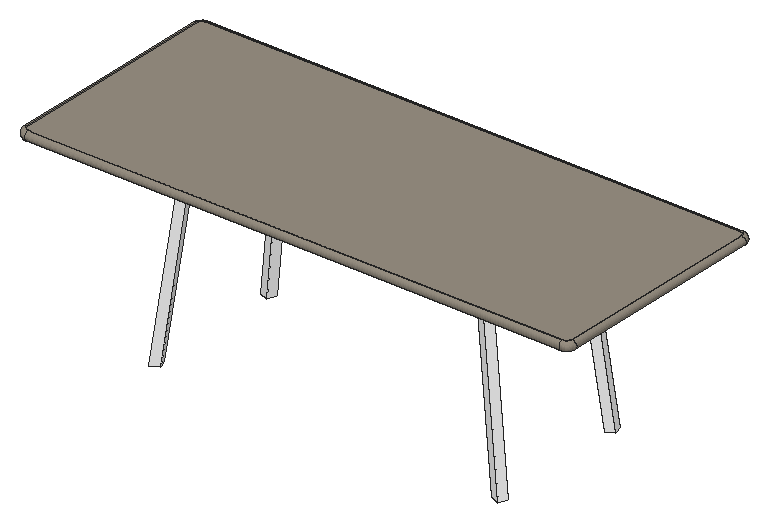
Revit family "Boxer", category Мебель, Revit 2017
Family settings
  Номер OmniClass = 23.40.20.00
  Заголовок OmniClass = General Furniture and Specialties
  На основе рабочей плоскости = Нет
  Всегда вертикально = Да
  При загрузке вырезать с полостями = Нет
  Общий = Нет
  Точка расчета площади = Нет
Parameters (values of type "LB-709")
  URL = "http://file-system.ru/catalog/zdaniya_i_sooruzheniya/interer/mebel/boxer_lb_709_skandiform_stol/"
  Комментарии к типоразмеру = "Created by Astacus AB"
  Ключевая пометка = "XBE.1"
  Описание = "Table in birch veneer, white or black laminate with birch edge. Chassis in chromium or silver lacquered metal."
  Table Leg = Skandiform Chrome
  Table Top = Skandiform Wood Birch
  Disc = LB-709_Disc : LB-709_Disc
  Группа модели = "LB-709"
  Изготовитель = "Skandiform AB"
  Leg = LB-709_Leg : LB-709_Leg
  Assembly Code = ""
Types (2, lengths in mm): name | URL | Disc | Группа модели | Leg
  LB-709 | "http://file-system.ru/catalog/zdaniya_i_sooruzheniya/interer/mebel/boxer_lb_709_skandiform_stol/" | LB-709_Disc : LB-709_Disc | "LB-709" | LB-709_Leg : LB-709_Leg
  LB-707 | "http://www.biminfo.se/?productid=333190" | LB-707_Disc : LB-707_Disc | "LB-707" | LB-707_Leg : LB-707_Leg
Reference planes
  plane 1 "Center (Front/Back)": y = 0
  plane 2: z = 0
  plane 3 "Center (Left/Right)": x = 0
Dimensions and locks
  aligned and locked: level to plane 2
Nested families
  nested 1: "LB-709_Leg" at (0, 0, 0), type <- "Leg", type "LB-709_Leg"
  nested 2: "LB-709_Disc" at (0, 0, 0), type <- "Disc", type "LB-709_Disc"
Definition of nested family "LB-709_Leg"
  Parameters
    Meterial = none
    Model = ""
    Manufacturer = "Skandiform"
    Assembly Code = ""
  Reference planes
    plane 1 "Center (Front/Back)": y = 0
    plane 2: z = 0
    plane 3 "Center (Left/Right)": x = 0
  Forms (mm)
    Revolve 1, solid
      sketch origin (-1.797, 132, 0) x (1, 0, 0) y (0, 0, 1)
        loop
          line (323.797, 387) -> (323.797, 400) -> (244.508, 400) -> (244.508, 397) -> (265.107, 397) -> (267.437, 396.651) -> (269.564, 395.633) -> (271.302, 394.037) -> (273.695, 389.963) -> (275.433, 388.367) -> (277.56, 387.349) -> (279.89, 387) -> (323.797, 387)
        axis (323.797, 400) -> (323.797, 387)
      angle from 0 to 360
    Revolve 2, solid
      sketch origin (-1.797, -132, 0) x (1, 0, 0) y (0, 0, -1)
        loop
          line (323.797, -387) -> (279.89, -387) -> (277.56, -387.349) -> (275.433, -388.367) -> (273.695, -389.963) -> (271.302, -394.037) -> (269.564, -395.633) -> (267.437, -396.651) -> (265.107, -397) -> (244.508, -397) -> (244.508, -400) -> (323.797, -400) -> (323.797, -387)
        axis (323.797, -400) -> (323.797, -387)
      angle from 0 to 360
    Revolve 3, solid
      sketch origin (1.797, 132, 0) x (-1, 0, 0) y (0, 0, -1)
        loop
          line (323.797, -387) -> (279.89, -387) -> (277.56, -387.349) -> (275.433, -388.367) -> (273.695, -389.963) -> (271.302, -394.037) -> (269.564, -395.633) -> (267.437, -396.651) -> (265.107, -397) -> (244.508, -397) -> (244.508, -400) -> (323.797, -400) -> (323.797, -387)
        axis (323.797, -400) -> (323.797, -387)
      angle from 0 to 360
    Revolve 4, solid
      sketch origin (1.797, -132, 0) x (-1, 0, 0) y (0, 0, 1)
        loop
          line (323.797, 387) -> (323.797, 400) -> (244.508, 400) -> (244.508, 397) -> (265.107, 397) -> (267.437, 396.651) -> (269.564, 395.633) -> (271.302, 394.037) -> (273.695, 389.963) -> (275.433, 388.367) -> (277.56, 387.349) -> (279.89, 387) -> (323.797, 387)
        axis (323.797, 400) -> (323.797, 387)
      angle from 0 to 360
    Extrusion 5, solid
      sketch origin (-275.773, -30.379, -1.482) x (-0.927591, -0.37346, 0.010084) y (-0.009284, -0.003941, -0.999949)
        loop
          line (145.327, 0) -> (125.145, -0.202) -> (74.743, -387) -> (94.898, -387) -> (145.327, 0)
      from 66.991 to 86.991
    Extrusion 6, solid
      sketch origin (-275.773, 30.379, -1.482) x (-0.927591, 0.37346, 0.010084) y (0.009284, -0.003941, 0.999949)
        loop
          line (145.327, 0) -> (94.898, 387) -> (74.743, 387) -> (125.145, 0.202) -> (145.327, 0)
      from 66.991 to 86.991
    Extrusion 7, solid
      sketch origin (275.773, -30.379, -1.482) x (0.927591, -0.37346, 0.010084) y (-0.009284, 0.003941, 0.999949)
        loop
          line (145.327, 0) -> (94.898, 387) -> (74.743, 387) -> (125.145, 0.202) -> (145.327, 0)
      from 66.991 to 86.991
    Extrusion 8, solid
      sketch origin (275.773, 30.379, -1.482) x (0.927591, 0.37346, 0.010084) y (0.009284, 0.003941, -0.999949)
        loop
          line (145.327, 0) -> (125.145, -0.202) -> (74.743, -387) -> (94.898, -387) -> (145.327, 0)
      from 66.991 to 86.991
  Dimensions and locks
    aligned and locked: level to plane 2
Definition of nested family "LB-709_Disc"
  Parameters
    Model = ""
    Manufacturer = "Skandiform"
    Table Top = none
    Assembly Code = ""
  Reference planes
    plane 1 "Center (Front/Back)": y = 0
    plane 2: z = 0
    plane 3 "Center (Left/Right)": x = 0
  Forms (mm)
    Extrusion 1, solid, material <- "Table Top"
      sketch origin (0, 0, 0) x (1, 0, 0) y (0, 1, 0)
        loop
          arc (-579.534, 240.5) -> (-587.288, 237.288) -> (-590.5, 229.534) r 10.966
          line (-590.5, 229.534) -> (-590.5, -229.534)
          arc (-590.5, -229.534) -> (-587.288, -237.288) -> (-579.534, -240.5) r 10.966
          line (-579.534, -240.5) -> (579.534, -240.5)
          arc (579.534, -240.5) -> (587.288, -237.288) -> (590.5, -229.534) r 10.966
          line (590.5, -229.534) -> (590.5, 229.534)
          arc (590.5, 229.534) -> (587.288, 237.288) -> (579.534, 240.5) r 10.966
          line (579.534, 240.5) -> (-579.534, 240.5)
      from 400 to 419
    Sweep 2, solid, material <- "Table Top"
      path origin (0, 0, 0) x (1, 0, 0) y (0, 1, 0)
        loop
          line (-590.5, 229.534) -> (-590.5, -229.534)
          arc (-590.5, -229.534) -> (-587.288, -237.288) -> (-579.534, -240.5) r 10.966
          line (-579.534, -240.5) -> (579.534, -240.5)
          arc (579.534, -240.5) -> (587.288, -237.288) -> (590.5, -229.534) r 10.966
          line (590.5, -229.534) -> (590.5, 229.534)
          arc (590.5, 229.534) -> (587.288, 237.288) -> (579.534, 240.5) r 10.966
          line (579.534, 240.5) -> (-579.534, 240.5)
          arc (-579.534, 240.5) -> (-587.288, 237.288) -> (-590.5, 229.534) r 10.966
      profile origin (-590.5, 0, 0) x (1, 0, 0) y (0, 0, 1)
        loop
          arc (0, 419) -> (-9.5, 409.5) -> (0, 400) r 9.5
          line (0, 400) -> (0, 419)
  Lines and regions (mm)
    Masking region 1
      outline origin (0, 0, 0) x (1, 0, 0) y (0, 1, 0)
        loop
          line (579.993, 249.856) -> (-580.127, 249.856)
          arc (-580.127, 249.856) -> (-594.168, 244.04) -> (-599.984, 229.999) r 19.856
          line (-599.984, 229.999) -> (-599.984, -229.999)
          arc (-599.984, -229.999) -> (-594.131, -244.131) -> (-579.999, -249.984) r 19.985
          line (-579.999, -249.984) -> (579.993, -249.984)
          arc (579.993, -249.984) -> (594.129, -244.129) -> (599.984, -229.993) r 19.991
          line (599.984, -229.993) -> (599.984, 229.865)
          arc (599.984, 229.865) -> (594.129, 244) -> (579.993, 249.856) r 19.991
  Dimensions and locks
    aligned and locked: level to plane 2
